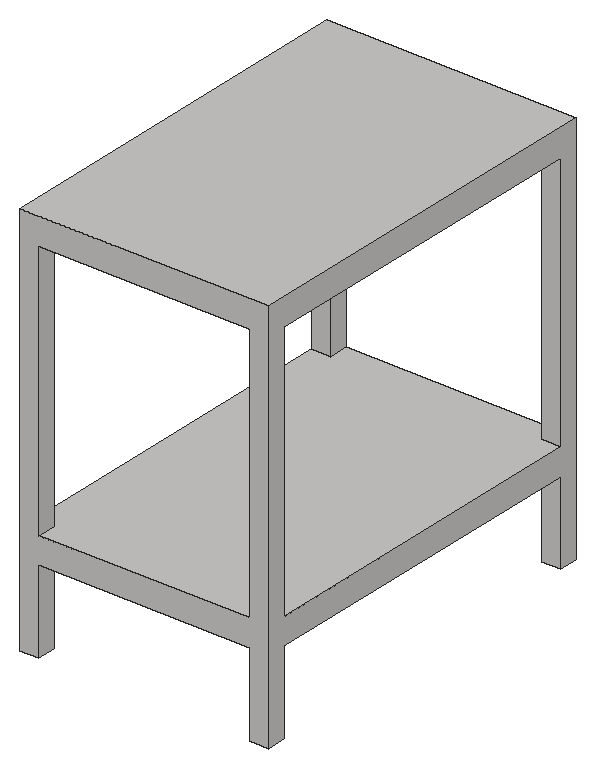
Revit family "QF_CAPIC_AVEN_W543010", category Equipement spécialisé, Revit 2018
Family settings
  Cote de connecteur circulaire = Utiliser le diamètre
  Type d'élément = Normal
  Numéro OmniClass = 23.40.40.14
  Titre OmniClass = Food Service Equipment
  Basée sur le plan de construction = Non
  Toujours verticalement = Oui
  Couper avec des vides une fois chargée = Non
  Partagée = Non
  Point de calcul de pièce = Non
Parameters (values of type "400 mm")
  URL catalogue = "http://www.capic-fr.com/fr/"
  Type de Raccord Plomberie [instance] = ""
  Type de Raccord Electrique [instance] = ""
  Type de Gaz = ""
  Type article [instance] = ""
  Tension = 0 V
  Spécification du Fabricant = ""
  Show Logo = yes
  Remarques evacuation [instance] = ""
  Remarques Plomberie [instance] = ""
  Remarques Electricité [instance] = ""
  Puissance électrique  = 0 W
  Puissance Gaz kW = 0
  Profondeur hors tout = 600 mm
  Pression Maximum Eau Adoucie = 0.0 Pa
  Poids net à vide = 19.00 kg
  Phase = 0
  Modèle = "W543010"
  Longueur hors tout = 400 mm
  Intensité nominale = 0 A
  Hauteur hors tout = 638 mm
  Hauteur de Raccordement du Sol Finis = 0 mm
  Hauteur de Raccordement Gaz du Sol Finis = 0 mm
  Hauteur de Raccordement Evacuation Directe du Sol Finis = 0 mm
  Hauteur de Raccordement Eau Froide du Sol Finis = 0 mm
  Hauteur de Raccordement Eau Chaude du Sol Finis = 0 mm
  Hauteur de Raccordement Eau Adoucie du Sol Finis = 0 mm
  Fréquence = 0 Hz
  Fabricant = "CAPIC"
  Débit d'air d'extraction = 0.0 m³/h
  Débit Gaz = 0.0 L/s
  Débit Eau Froide = 0.0 L/s
  Débit Eau Chaude = 0.0 L/s
  Débit Eau Adoucie = 0.0 L/s
  Diamètre de Raccordement Gaz = 0 mm
  Diamètre de Raccordement Evacuation = 0 mm
  Diamètre de Raccordement Eau Froide = 0 mm
  Diamètre de Raccordement Eau Chaude = 0 mm
  Diamètre de Raccordement Eau Adoucie = 0 mm
  Description = "Pietement simple"
  Assembly Code = ""
  Classification  Omniclass nombre et titre = "23.40.40.14"
Reference planes
  plane 1 "Centre (avant/arrière)": y = 0
  plane 2: z = 0
  plane 3 "Centre (gauche/droite)": x = 0
  plane 4: y = -45
  plane 5: y = -663
  plane 6: x = 400
  plane 7: y = -75
  plane 8: y = -633
  plane 9: x = 30
  plane 10: x = 370
  plane 11: z = 638
  plane 12: z = 134
  plane 13: z = 594
Forms (mm)
  Extrusion 1, solid, material "QF_Stainless Steel-Brushed"
    sketch origin (0, 0, 0) x (1, 0, 0) y (0, 1, 0)
      loop
        line (0, -45) -> (0, -75) -> (30, -75) -> (30, -45) -> (0, -45)
      loop
        line (370, -45) -> (370, -75) -> (400, -75) -> (400, -45) -> (370, -45)
      loop
        line (370, -633) -> (370, -663) -> (400, -663) -> (400, -633) -> (370, -633)
      loop
        line (0, -633) -> (0, -663) -> (30, -663) -> (30, -633) -> (0, -633)
    from 0 to 638
  Extrusion 2, solid, material "QF_Stainless Steel-Brushed"
    sketch origin (0, 0, 0) x (1, 0, 0) y (0, 1, 0)
      loop
        line (0, -45) -> (0, -663) -> (400, -663) -> (400, -45) -> (0, -45)
    from 134 to 177
  Extrusion 3, solid, material "QF_Stainless Steel-Brushed"
    sketch origin (0, 0, 0) x (1, 0, 0) y (0, 1, 0)
      loop
        line (0, -45) -> (0, -663) -> (400, -663) -> (400, -45) -> (0, -45)
    from 594 to 638
Cuts and joins
  joined: Extrusion 1, Extrusion 2, Extrusion 3
Dimensions and locks
  locked: plane 4 to plane 1 "Centre (avant/arrière)" at 45
  locked: plane 4 to plane 5 at 618
  locked: plane 4 to plane 7 at 30
  locked: plane 8 to plane 5 at 30
  "Longueur hors tout": plane 3 "Centre (gauche/droite)" to plane 6
  locked: plane 3 "Centre (gauche/droite)" to plane 9 at 30
  locked: plane 10 to plane 6 at 30
  locked: plane 11 to level at 638
  aligned and locked: level to plane 2
  aligned and locked: Extrusion 1 sketch curve to plane 4  (x2)
  aligned and locked: plane 3 "Centre (gauche/droite)" to Extrusion 1 sketch curve  (x2)
  aligned and locked: plane 7 to Extrusion 1 sketch curve  (x2)
  aligned and locked: Extrusion 1 sketch curve to plane 9  (x2)
  aligned and locked: plane 10 to Extrusion 1 sketch curve  (x2)
  aligned and locked: Extrusion 1 sketch curve to plane 6  (x2)
  aligned and locked: Extrusion 1 sketch curve to plane 8  (x2)
  aligned and locked: plane 5 to Extrusion 1 sketch curve  (x2)
  aligned and locked: Extrusion 1 to level
  aligned and locked: plane 11 to Extrusion 1
  aligned and locked: Extrusion 2 sketch curve to Extrusion 1  (x4)
  aligned and locked: Extrusion 2 to plane 12
  aligned and locked: Extrusion 3 sketch curve to Extrusion 2  (x2)
  aligned and locked: plane 5 to Extrusion 3 sketch curve
  aligned and locked: Extrusion 3 sketch curve to plane 6
  aligned and locked: plane 11 to Extrusion 3
  aligned and locked: Extrusion 3 to plane 13
